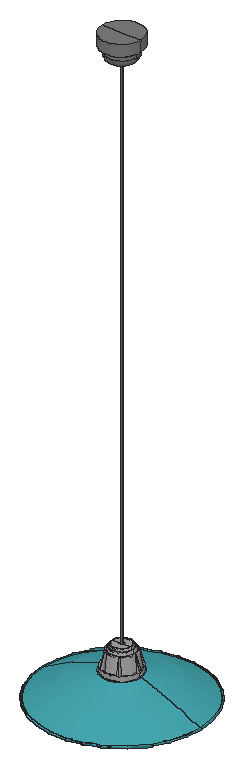
Revit family "Euro Barn EIJ8 (14,16,18,20,22) LED", category Lighting Fixtures, Revit 2020
Family settings
  Round Connector Dimension = Use Diameter
  Part Type = Normal
  OmniClass Number = 23.80.70.00
  OmniClass Title = Lighting
  Work Plane-Based = No
  Always vertical = Yes
  Cut with Voids When Loaded = No
  Light Source = Yes
  Shared = No
  Room Calculation Point = No
Parameters (values of type "EU822")
  Weight = "5.7 lbs"
  Wattage Comments = "200W Max"
  Wattage = 0.68 W
  Warranty = "5 year limited warranty"  # constant formula
  built-in parameter 1150110 = 1 (stored number, unit not read)
  Voltage = 277 V
  URL = "https://www.anplighting.com/assets/Uploads/product-attachments/specification-sheets/ANP-Specification-Sheet-INC-EU822.pdf"
  built-in parameter 1114217 = 1 (stored number, unit not read)
  Tilt Angle = 90.00°
  built-in parameter 1150109 = 1 (stored number, unit not read)
  built-in parameter 1150134 = 12
  built-in parameter 1150113 = 1 (stored number, unit not read)
  Mounting Option [instance] = 1
  Power Factor = 1
  Post Mount [instance] = Mounting Option = 5  # no
  Placement X axis side [instance] = if(Post Mount, 2' 2 15/32", if(Cord or Stem Mount, 0' 0", if(E36 20 inch, 1' 8 1/4", if(E 6 26 inch, 2' 2", if(E7 41 inch, 3' 5 1/4", 0' 1")))))  # 0' - 0"
  Photometric Web File = "generic.ies"
  Mounting Finish = Mounting finish
  Model = "EU822"
  Manufacturer = "ANP Lighting"  # constant formula
  built-in parameter 1150105 = 127.85 (stored number, unit not read)
  Lumens = 850 lm
  built-in parameter 1150115 = 1 (stored number, unit not read)
  Load Classification = Lighting
  Light Source Height [instance] = 0' - 4"
  built-in parameter 1150137 = (empty or 0)
  built-in parameter 1150139 = (empty or 0)
  Light Elevation _2 [instance] = if(Post Mount, 0' 0.66142", if(E7 41 inch, 0' 0.66142", if(E36 20 inch, 0' 1.65748", if(E 6 26 inch, 0' 1.53543", if(Cord or Stem Mount, (0' 4.3622" + Cord Length), 0' 0")))))  # 6' - 4.3622"
  Light Elevation _1 [instance] = if(Post Mount, 0' 0", if(E7 41 inch, 0' 0", if(E36 20 inch, 0' 1", if(E 6 26 inch, 0' 0.87402", if(Cord or Stem Mount, (0' 3.66142" + Cord Length), 0' 0")))))  # 6' - 3.66142"
  Light Elevation [instance] = if(Post Mount, 14' 0.5315", if(E7 41 inch, 0' 0", 0' 0"))  # 0' - 0"
  Life = "L70 50,000 hours"  # constant formula
  built-in parameter 1150112 = 1 (stored number, unit not read)
  built-in parameter 1150114 = 1 (stored number, unit not read)
  Lamp = "MB"
  built-in parameter 1150132 = 2
  built-in parameter 1150102 = (empty or 0)
  built-in parameter 1150107 = 4000 (stored number, unit not read)
  built-in parameter 1150138 = (empty or 0)
  built-in parameter 1150106 = 1.2785 (stored number, unit not read)
  Fixture Height = 0' - 6 7/8"
  Fixture Finish = Fixture Finish
  Fixture Diameter = 1' - 10"
  Efficiency = "65-125 lumens per watt"  # constant formula
  built-in parameter 1150104 = 116.13 (stored number, unit not read)
  EU822 = yes
  EU820 = no
  EU818 = no
  EU816 = no
  EU814 = no
  E7 41 inch [instance] = Mounting Option = 4  # no
  E36 20 inch [instance] = Mounting Option = 3  # no
  E 6 26 inch [instance] = Mounting Option = 2  # no
  Dimming Lamp Color Temperature Shift = <None>
  Dimming = "1%"  # constant formula
  Description = "120-277 Voltage"  # constant formula
  Default Elevation = 0' - 0"
  Cord or Stem Mount [instance] = Mounting Option = 1  # yes
  Cord Length option [instance] = 0
  Cord Length [instance] = if([2' Cord], 2' 0", if([4' Cord], 4' 0", if([8' Cord], 8' 0", if([10' Cord], 10' 0", if([6' Cord], 6' 0", 6' 0")))))  # 6' - 0"
  Construction Material = "Heavy Duty spun aluminum."  # constant formula
  Color Filter = 16777215
  CRI = ">90"  # constant formula
  Body Material = body
  Body Colour = "Spun aluminium"  # constant formula
  built-in parameter 1114218 = 1 (stored number, unit not read)
  built-in parameter 1150133 = 10 (stored number, unit not read)
  Apparent Load = 200 VA
  8' Cord [instance] = Cord Length option = 8  # no
  6' Cord [instance] = Cord Length option = 6  # no
  4' Cord [instance] = Cord Length option = 4  # no
  2' Cord [instance] = Cord Length option = 2  # no
  10' Cord [instance] = Cord Length option = 10  # no
Reference planes (in)
  plane 1 "Light Source Axis (F/B)": y = 0
  plane 2: z = 0
  plane 3 "Light Source Axis (L/R)": x = 0
  plane 4 "Light Source Elevation": z = 0
  plane 5: z = 0
  plane 6: x = 0
  plane 7 "Bulb Position": z = -76.3622
  plane 8 "Canopy Position": z = -75.66142
  plane 9 "IES": z = -80.3622
Dimensions and locks (in)
  "Light Elevation": plane 5 to plane 2
  "Placement X axis side": plane 6 to plane 3 "Light Source Axis (L/R)"
  "Light Elevation _2": plane 5 to plane 7 "Bulb Position"
  "Light Elevation _1": plane 5 to plane 8 "Canopy Position"
  "Light Source Height": plane 7 "Bulb Position" to plane 9 "IES"
  locked: plane 4 "Light Source Elevation" to plane 2
  aligned and locked: level to plane 2
  aligned and locked: plane 1 "Light Source Axis (F/B)" to nested 5
  aligned and locked: nested 5 to plane 2
  aligned and locked: nested 1 to plane 3 "Light Source Axis (L/R)"
  aligned and locked: plane 3 "Light Source Axis (L/R)" to nested 2
  aligned and locked: plane 3 "Light Source Axis (L/R)" to nested 4
  aligned and locked: nested 3 to plane 5
  aligned and locked: plane 3 "Light Source Axis (L/R)" to nested 3
  aligned and locked: plane 3 "Light Source Axis (L/R)" to nested 5
  aligned and locked: plane 1 "Light Source Axis (F/B)" to nested 2
  aligned and locked: plane 1 "Light Source Axis (F/B)" to nested 1
  aligned and locked: plane 1 "Light Source Axis (F/B)" to nested 4
  aligned and locked: plane 1 "Light Source Axis (F/B)" to nested 3
  aligned and locked: plane 2 to nested 1
  aligned and locked: plane 2 to nested 2
  aligned and locked: nested 4 to plane 2
  aligned and locked: imposter light to plane 9 "IES"
  aligned and locked: imposter light to plane 6
  aligned and locked: nested 6 to plane 8 "Canopy Position"
  aligned and locked: nested 7 to plane 8 "Canopy Position"
  aligned and locked: nested 8 to plane 8 "Canopy Position"
  aligned and locked: nested 9 to plane 8 "Canopy Position"
  aligned and locked: nested 10 to plane 8 "Canopy Position"
  aligned and locked: nested 6 to plane 6
  aligned and locked: nested 7 to plane 6
  aligned and locked: nested 8 to plane 6
  aligned and locked: nested 9 to plane 6
  aligned and locked: nested 10 to plane 6
Nested families (in)
  nested 1: "CORD OR STEM MOUNT" at (0, 0, -75.67), visible <- "Cord or Stem Mount", Cord or Stem Mount <- "Cord or Stem Mount", Body Material <- "Body Material", Light Elevation <- "Light Elevation", Cord Length <- "Cord Length", 10' Cord <- "10' Cord", 2' Cord <- "2' Cord", 4' Cord <- "4' Cord", 6' Cord <- "6' Cord", 8' Cord <- "8' Cord", type "CORD OR STEM MOUNT"
    with Light Elevation 0' - 0", Cord or Stem Mount yes, Cord Length 6' - 0", Body Material body, 8' Cord no, 6' Cord no, 4' Cord no, 2' Cord no, 10' Cord no
  nested 2: "E6 26 INCH" at (0, 0, 0), visible <- "E 6 26 inch", Chain Length <- "Cord Length", E 6 26 inch <- "E 6 26 inch", Placement X axis side <- "Placement X axis side", Body Material <- "Body Material", Light Elevation <- "Light Elevation", type "E6 26 INCH"
    with Placement X axis side 0' - 0", Light Elevation 0' - 0", E 6 26 inch no, Chain Length 6' - 0", Body Material body
  nested 3: "E7 41 INCH" at (0, 0, 0), Chain Length <- "Cord Length", visible <- "E7 41 inch", E7 41 inch <- "E7 41 inch", Placement X axis side <- "Placement X axis side", Body Material <- "Body Material", Light Elevation <- "Light Elevation", type "E7 41 INCH"
    with Placement X axis side 0' - 0", Light Elevation 0' - 0", E7 41 inch no, Chain Length 6' - 0", Body Material body
  nested 4: "E36 20 INCH" at (0, 0, 0), visible <- "E36 20 inch", E36 20 inch <- "E36 20 inch", Placement X axis side <- "Placement X axis side", Chain Length <- "Cord Length", Body Material <- "Body Material", Light Elevation <- "Light Elevation", type "E36 20 INCH"
    with Placement X axis side 0' - 0", Light Elevation 0' - 0", E36 20 inch no, Chain Length 6' - 0", Body Material body
  nested 5: "POST MOUNT" at (0, 0, 0), visible <- "Post Mount", Post Mount <- "Post Mount", Placement X axis side <- "Placement X axis side", Chain Length <- "Cord Length", Body Material <- "Body Material", Light Elevation <- "Light Elevation", type "POST MOUNT"
    with Post Mount no, Placement X axis side 0' - 0", Light Elevation 0' - 0", Chain Length 6' - 0", Body Material body
  nested 6: "EU814_1" at (0, 0, -75.66142), Light Elevation <- "Light Elevation", Body <- "Fixture Finish", visible <- "EU814", EU814 <- "EU814", type "EU814_1"
    with Light Elevation 0' - 0", EU814 no, Body Fixture Finish
  nested 7: "EU816-1" at (0, 0, -75.66142), Light Elevation <- "Light Elevation", Body <- "Fixture Finish", visible <- "EU816", EU816 <- "EU816", Mounting Finish <- "Mounting Finish", type "EU816-1"
    with Mounting Finish Mounting finish, Light Elevation 0' - 0", EU816 no, Body Fixture Finish
  nested 8: "EU818-1" at (0, 0, -75.66142), Light Elevation <- "Light Elevation", Body <- "Fixture Finish", visible <- "EU818", EU818 <- "EU818", type "EU818-1"
    with Light Elevation 0' - 0", EU818 no, Body Fixture Finish
  nested 9: "EU820-1" at (0, 0, -75.66142), Light Elevation <- "Light Elevation", Body <- "Fixture Finish", visible <- "EU820", EU820 <- "EU820", type "EU820-1"
    with Light Elevation 0' - 0", EU820 no, Body Fixture Finish
  nested 10: "EU822" at (0, 0, -75.66142), Light Elevation <- "Light Elevation", Body <- "Fixture Finish", visible <- "EU822", EU822 <- "EU822", type "EU822"
    with Light Elevation 0' - 0", EU822 yes, Body Fixture Finish
Definition of nested family "CORD OR STEM MOUNT"
  Parameters (values of type "CORD OR STEM MOUNT")
    URL = ""
    Model = ""
    Manufacturer = ""
    Light Elevation [instance] = 1' - 7.69"
    Default Elevation = 0' - 0"
    Cord or Stem Mount [instance] = yes
    Cord Length [instance] = 6' - 0"
    Body Material [instance] = none
    8' Cord [instance] = no
    6' Cord [instance] = no
    4' Cord [instance] = no
    2' Cord [instance] = no
    10' Cord [instance] = no
  Reference planes (in)
    plane 1 "Light Source Axis (F/B)": y = 0
    plane 2: z = 0
    plane 3 "Light Source Axis (L/R)": x = 0
    plane 4 "Light Source Elevation": z = 23.125
    plane 5: z = 91.69
    plane 6: z = 19.69
  Forms (in)
    Extrusion 1, void, not visible
      sketch origin (0, 0, 2.38154) x (1, 0, 0) y (0, 0, 1)
        loop
          circle (0, 4.59925) r 0.16583
      from 1.18594 to 1.75
    Extrusion 2, void, not visible
      sketch origin (0, 0, 2.38154) x (0.707107, -0.707107, 0) y (0, 0, 1)
        loop
          circle (0, 4.59925) r 0.16583
      from 1.18594 to 1.75
    Extrusion 3, void, not visible
      sketch origin (0, 0, 2.38154) x (0.707107, 0.707107, 0) y (0, 0, 1)
        loop
          circle (0, 4.59925) r 0.16583
      from 1.18594 to 1.75
    Extrusion 4, void, not visible
      sketch origin (0, 0, 2.38154) x (0, 1, 0) y (0, 0, 1)
        loop
          circle (0, 4.59925) r 0.16583
      from 1.18594 to 1.75
    Extrusion 5, void, not visible
      sketch origin (0, 0, 2.38154) x (-0.707107, 0.707107, 0) y (0, 0, 1)
        loop
          circle (0, 4.59925) r 0.16583
      from 1.18594 to 1.75
    Extrusion 6, void, not visible
      sketch origin (0, 0, 2.38154) x (-1, 0, 0) y (0, 0, 1)
        loop
          circle (0, 4.59925) r 0.20678
      from 1.18594 to 1.75
    Extrusion 7, void, not visible
      sketch origin (0, 0, 2.38154) x (-0.707107, -0.707107, 0) y (0, 0, 1)
        loop
          circle (0, 4.59925) r 0.16583
      from 1.18594 to 1.75
    Extrusion 8, void, not visible
      sketch origin (0, 0, 2.38154) x (0, -1, 0) y (0, 0, 1)
        loop
          circle (0, 4.59925) r 0.16583
      from 1.18594 to 1.75
    Revolve 9, solid, material <- "Body Material", visible <- "Cord or Stem Mount"
      sketch origin (0, 0, 174.56698) x (1, 0, 0) y (0, 0, 1)
        loop
          line (2.6875, -79.20698) -> (0, -79.20698) -> (0, -82.87698) -> (0.125, -82.87698) -> (0.125, -82.83698) -> (0.75, -82.83698)
          arc (0.75, -82.83698) -> (0.81694, -82.77004) -> (0.75, -82.7031) r 0.06694
          line (0.75, -82.7031) -> (0.89763, -82.7031) -> (1.00223, -82.5985) -> (1.06587, -82.5985)
          arc (1.06587, -82.5985) -> (1.80099, -82.29401) -> (2.10549, -81.55888) r 1.03962
          line (2.10549, -81.55888) -> (2.10549, -81.03899)
          arc (2.10549, -81.03899) -> (2.12951, -80.981) -> (2.1875, -80.95698) r 0.08201
          line (2.1875, -80.95698) -> (2.1875, -80.70698) -> (2.6875, -80.70698) -> (2.6875, -79.20698)
        axis (0, -79.20698) -> (0, -82.87698)
      angle from 0 to 360
    Revolve 10, solid, material <- "Body Material", visible <- "Cord or Stem Mount"
      sketch origin (0, 0, 0) x (1, 0, 0) y (0, 0, 1)
        loop
          line (0, 91.69) -> (-0.125, 91.69) -> (-0.125, 19.69) -> (0, 19.69) -> (0, 91.69)
        axis (0, 19.69) -> (0, 91.69)
      angle from 0 to 360
  Dimensions and locks (in)
    "Light Elevation": plane 6 to plane 2
    "Cord Length": plane 5 to plane 6
    locked: Revolve 10 sketch curve to Revolve 10 sketch curve at 0.125
    aligned and locked: level to plane 2
    aligned and locked: Revolve 10 sketch curve to plane 3 "Light Source Axis (L/R)"
    aligned and locked: Revolve 10 sketch curve to plane 6
    aligned and locked: Revolve 10 sketch curve to plane 5
    aligned and locked: plane 3 "Light Source Axis (L/R)" to Revolve 10 sketch curve
  Automatic sketch dimensions
    Revolve 9 sketch curve to plane 3 "Light Source Axis (L/R)" = 0' - 0"  (x2)
    Revolve 9 sketch curve to plane 5 = 0' - 0"
    plane 3 "Light Source Axis (L/R)" to Revolve 9 sketch curve = 0' - 0 1/8"
    Revolve 9 sketch curve to plane 5 = 0' - 0.17388"
    Revolve 9 sketch curve to Revolve 9 sketch curve = 0' - 0 5/8"
    Revolve 9 sketch curve to Revolve 9 sketch curve = 0' - 0.14763"
    Revolve 9 sketch curve to plane 5 = 0' - 0.27847"
    Revolve 9 sketch curve to Revolve 9 sketch curve = 0' - 0.1046"
    Revolve 9 sketch curve to Revolve 9 sketch curve = 0' - 0.06364"
    Revolve 9 sketch curve to Revolve 9 sketch curve = 0' - 1.03962"
    Revolve 9 sketch curve to Revolve 9 sketch curve = 0' - 0 21/256"
    Revolve 9 sketch curve to Revolve 9 sketch curve = 0' - 0 1/2"  (x2)
    Revolve 9 sketch curve to Revolve 9 sketch curve = 0' - 0.51989"
    Revolve 9 sketch curve to Revolve 9 sketch curve = 0' - 0 1/4"
    Revolve 9 sketch curve to Revolve 9 sketch curve = 0' - 2.3519"
    Revolve 9 sketch curve to Revolve 9 sketch curve = 0' - 1 1/4"
    Revolve 9 sketch curve to Revolve 9 sketch curve = 0' - 0.04"
    Revolve 10 sketch curve to Revolve 10 sketch curve = 0' - 0 1/2"
    Revolve 10 sketch curve to Revolve 10 sketch curve = 0' - 0.42345"
Definition of nested family "EU822"
  Parameters (values of type "EU822")
    Mounting Finish = none
    Light Elevation [instance] = 0' - 0"
    EU822 [instance] = yes
    Default Elevation = 0' - 0"
    Body [instance] = none
  Reference planes (in)
    plane 1 "Center (Front/Back)": y = 0
    plane 2: z = 0
    plane 3 "Center (Left/Right)": x = 0
    plane 4: z = 0
  Dimensions and locks (in)
    "Light Elevation": plane 4 to plane 2
    aligned and locked: plane 2 to level
    aligned and locked: plane 3 "Center (Left/Right)" to nested 1
    aligned and locked: plane 1 "Center (Front/Back)" to nested 1
    aligned and locked: plane 4 to nested 1
  Nested families (in)
    nested 1: "EU822 (3)" at (0, 0, -6.875), visible <- "EU822", Body <- "Body", EU822 <- "EU822", type "EU822 (3)"
      with EU822 yes, Body none
  Definition of nested family "EU822 (3)"
    Parameters (values of type "EU822 (3)")
      SHADE = none
      HUB = none
      EU822 [instance] = yes
      Default Elevation = 0' - 0"
      Body [instance] = none
    Reference planes (in)
      plane 1 "Center (Front/Back)": y = 0
      plane 2: z = 0
      plane 3 "Center (Left/Right)": x = 0
      plane 4: x = -11
      plane 5: x = 11
      plane 6: z = 6.875
    Forms (in)
      Revolve 1, solid, material <- "HUB", visible <- "EU822"
        sketch origin (0, 0, 1.18584) x (1, 0, 0) y (0, 0, 1)
          loop
            arc (-1.24328, 5.68916) -> (-1.26477, 5.6829) -> (-1.27953, 5.66607) r 0.04
            line (-1.27953, 5.66607) -> (-1.3986, 5.41073) -> (-1.49143, 5.41073)
            arc (-1.49143, 5.41073) -> (-1.51437, 5.40349) -> (-1.52902, 5.38441) r 0.04
            line (-1.52902, 5.38441) -> (-1.65794, 5.03019) -> (-1.82304, 5.03019)
            arc (-1.82304, 5.03019) -> (-1.84862, 5.02094) -> (-1.86237, 4.99748) r 0.04
            line (-1.86237, 4.99748) -> (-2.24058, 2.95773) -> (-2.5, 2.95773) -> (-2.5, 2.37048) -> (-2.28, 2.37048) -> (-2.28, 2.75048) -> (-2, 3.00048) -> (-1.6, 3.00048) -> (-1.34987, 4.78027)
            arc (-1.34987, 4.78027) -> (-1.26631, 4.93415) -> (-1.1023, 4.99548) r 0.25
            line (-1.1023, 4.99548) -> (-0.28, 4.99548) -> (-0.28, 5.68916) -> (-1.24328, 5.68916)
          axis (0, 5.68916) -> (0, 2.37048)
        angle from 0 to 360
      Revolve 2, solid, material <- "HUB", visible <- "EU822"
        sketch origin (0, 0, 1.18584) x (1, 0, 0) y (0, 0, 1)
          loop
            line (2.24058, 2.95773) -> (2.49108, 2.95773) -> (1.92916, 4.90696) -> (1.87916, 4.90696) -> (2.24058, 2.95773)
          axis (1.87916, 4.90696) -> (2.24891, 2.91282)
        angle from 0 to 360
      Revolve 3, solid, material <- "HUB", visible <- "EU822"
        sketch origin (0, 0, 1.18584) x (-1, 0, 0) y (0, 0, 1)
          loop
            line (2.24058, 2.95773) -> (2.49108, 2.95773) -> (1.92916, 4.90696) -> (1.87916, 4.90696) -> (2.24058, 2.95773)
          axis (1.87916, 4.90696) -> (2.24891, 2.91282)
        angle from 0 to 360
      Revolve 4, solid, material <- "HUB", visible <- "EU822"
        sketch origin (0, 0, 1.18584) x (0.5, 0.866025, 0) y (0, 0, 1)
          loop
            line (2.24058, 2.95773) -> (2.49108, 2.95773) -> (1.92916, 4.90696) -> (1.87916, 4.90696) -> (2.24058, 2.95773)
          axis (1.87916, 4.90696) -> (2.24891, 2.91282)
        angle from 0 to 360
      Revolve 5, solid, material <- "HUB", visible <- "EU822"
        sketch origin (0, 0, 1.18584) x (-0.5, -0.866025, 0) y (0, 0, 1)
          loop
            line (2.24058, 2.95773) -> (2.49108, 2.95773) -> (1.92916, 4.90696) -> (1.87916, 4.90696) -> (2.24058, 2.95773)
          axis (1.87916, 4.90696) -> (2.24891, 2.91282)
        angle from 0 to 360
      Revolve 6, solid, material <- "HUB", visible <- "EU822"
        sketch origin (0, 0, 1.18584) x (-0.5, 0.866025, 0) y (0, 0, 1)
          loop
            line (2.24058, 2.95773) -> (2.49108, 2.95773) -> (1.92916, 4.90696) -> (1.87916, 4.90696) -> (2.24058, 2.95773)
          axis (1.87916, 4.90696) -> (2.24891, 2.91282)
        angle from 0 to 360
      Revolve 7, solid, material <- "HUB", visible <- "EU822"
        sketch origin (0, 0, 1.18584) x (0.5, -0.866025, 0) y (0, 0, 1)
          loop
            line (2.24058, 2.95773) -> (2.49108, 2.95773) -> (1.92916, 4.90696) -> (1.87916, 4.90696) -> (2.24058, 2.95773)
          axis (1.87916, 4.90696) -> (2.24891, 2.91282)
        angle from 0 to 360
      Revolve 8, solid, material <- "Body", visible <- "EU822"
        sketch origin (0, 0, 0) x (1, 0, 0) y (0, 0, 1)
          loop
            line (-1.95, 4.22138) -> (-2, 4.22138) -> (-2.25, 3.97138) -> (-2.25, 3.55138) -> (-2.71682, 3.55138)
            arc (-2.71682, 3.55138) -> (-6.92161, 2.11968) -> (-10.87587, 0.09638) r 30.70974
            arc (-10.87587, 0.09638) -> (-10.90452, 0.10541) -> (-10.89183, 0.13263) r 0.01997
            arc (-10.89183, 0.13263) -> (-10.85998, 0.19076) -> (-10.91812, 0.22262) r 0.04687
            arc (-10.91812, 0.22262) -> (-10.99032, 0.06763) -> (-10.82725, 0.01622) r 0.11372
            arc (-10.82725, 0.01622) -> (-6.8906, 2.031) -> (-2.70476, 3.45763) r 30.61599
            line (-2.70476, 3.45763) -> (-2.15625, 3.45763) -> (-2.15625, 3.93254) -> (-1.93371, 4.15509)
            arc (-1.93371, 4.15509) -> (-1.91587, 4.19462) -> (-1.95, 4.22138) r 0.03515
          axis (0, 0.01622) -> (0, 4.22138)
        angle from 0 to 360
    Dimensions and locks (in)
      plane 5 to plane 4 = 1' - 10"
      plane 6 to level = 0' - 6 7/8"
      aligned and locked: plane 2 to level
      aligned and locked: Revolve 1 sketch curve to plane 6
Definition of nested family "E6 26 INCH"
  Parameters (values of type "E6 26 INCH")
    URL = ""
    Placement X axis side [instance] = 2' - 2"
    Model = ""
    Manufacturer = ""
    Light Elevation [instance] = 8' - 4"
    E 6 26 inch [instance] = yes
    Default Elevation = 0' - 0"
    Chain Length [instance] = 0' - 0"
    Body Material [instance] = none
  Reference planes (in)
    plane 1 "Light Source Axis (F/B)": y = 0
    plane 2: z = 0
    plane 3 "Light Source Axis (L/R)": x = 0
    plane 4 "Light Source Elevation": z = 23.125
    plane 5: z = 100
    plane 6: x = -26
    plane 7: z = 99.125
    plane 8: x = -24.12
    plane 9: x = -25.5474
  Forms (in)
    Extrusion 1, void, not visible
      sketch origin (0, 0, 2.38154) x (1, 0, 0) y (0, 0, 1)
        loop
          circle (0, 4.59925) r 0.16583
      from 1.18594 to 1.75
    Extrusion 2, void, not visible
      sketch origin (0, 0, 2.38154) x (0.707107, -0.707107, 0) y (0, 0, 1)
        loop
          circle (0, 4.59925) r 0.16583
      from 1.18594 to 1.75
    Extrusion 3, void, not visible
      sketch origin (0, 0, 2.38154) x (0.707107, 0.707107, 0) y (0, 0, 1)
        loop
          circle (0, 4.59925) r 0.16583
      from 1.18594 to 1.75
    Extrusion 4, void, not visible
      sketch origin (0, 0, 2.38154) x (0, 1, 0) y (0, 0, 1)
        loop
          circle (0, 4.59925) r 0.16583
      from 1.18594 to 1.75
    Extrusion 5, void, not visible
      sketch origin (0, 0, 2.38154) x (-0.707107, 0.707107, 0) y (0, 0, 1)
        loop
          circle (0, 4.59925) r 0.16583
      from 1.18594 to 1.75
    Extrusion 6, void, not visible
      sketch origin (0, 0, 2.38154) x (-1, 0, 0) y (0, 0, 1)
        loop
          circle (0, 4.59925) r 0.20678
      from 1.18594 to 1.75
    Extrusion 7, void, not visible
      sketch origin (0, 0, 2.38154) x (-0.707107, -0.707107, 0) y (0, 0, 1)
        loop
          circle (0, 4.59925) r 0.16583
      from 1.18594 to 1.75
    Extrusion 8, void, not visible
      sketch origin (0, 0, 2.38154) x (0, -1, 0) y (0, 0, 1)
        loop
          circle (0, 4.59925) r 0.16583
      from 1.18594 to 1.75
    Sweep 9, solid, material <- "Body Material", visible <- "E 6 26 inch"
      path origin (-41.25, 0, 168.51693) x (1, 0, 0) y (0, 0, 1)
        loop
          line (17.13, -68.51693) -> (27.68551, -68.51693)
          arc (27.68551, -68.51693) -> (28.47996, -68.34486) -> (29.13202, -67.8595) r 1.92004
          line (29.13202, -67.8595) -> (34.23651, -62.01155)
          arc (34.23651, -62.01155) -> (38.65464, -60.89667) -> (41.25, -64.64193) r 4
          line (41.25, -64.64193) -> (41.25, -69.39193)
      profile origin (-18.84224, 0, 100) x (0, 0, 1) y (0, -1, 0)
        loop
          circle (0, 0) r 0.5
    Revolve 10, solid, material <- "Body Material", visible <- "E 6 26 inch"
      sketch origin (-26, 0, 168.51693) x (1, 0, 0) y (0, 0, 1)
        loop
          line (0, -66.07943) -> (0, -68.51693) -> (1.88, -68.51693) -> (1.88, -67.69272) -> (0.4526, -67.69272) -> (0.4526, -66.54122) -> (0.33125, -66.54122) -> (0.33125, -66.07943) -> (0, -66.07943)
        axis (0, -68.51693) -> (1.88, -68.51693)
      angle from 0 to 360
    Extrusion 11, solid, material <- "Body Material", visible <- "E 6 26 inch"
      sketch origin (-26, 0, 168.51693) x (0, -1, 0) y (0, 0, -1)
        loop
          line (0.25, 68.51693) -> (0.25, 69.51693) -> (-0.25, 69.51693) -> (-0.25, 68.51693) -> (0.25, 68.51693)
      from 0.4526 to 1.88
  Cuts and joins
    joined: Revolve 10, Extrusion 11
  Dimensions and locks (in)
    "Light Elevation": plane 5 to plane 2
    "Placement X axis side": plane 3 "Light Source Axis (L/R)" to plane 6
    locked: plane 5 to plane 7 at 0.875
    Revolve 10 sketch curve to Revolve 10 sketch curve to Revolve 10 sketch curve to plane 6 = 0' - 1.4274" locked, 0' - 0.12135" locked, 0' - 0.33125" locked
    Revolve 10 sketch curve to Revolve 10 sketch curve to Revolve 10 sketch curve to plane 5 = 0' - 0.46179" locked, 0' - 1.1515" locked, 0' - 0 211/256" locked
    locked: Sweep 9 sketch curve to plane 6 at 1.88
    locked: Sweep 9 sketch curve to Sweep 9 sketch curve at 10.55551
    locked: Sweep 9 sketch curve to Sweep 9 sketch curve at 13.56449
    locked: Sweep 9 sketch curve to Sweep 9 sketch curve at 4.75
    locked: plane 9 to plane 6 at 0.4526
    locked: plane 8 to plane 9 at 1.4274
    aligned and locked: level to plane 2
    aligned and locked: Revolve 10 sketch curve to plane 6
    aligned and locked: plane 5 to Revolve 10 sketch curve
    aligned and locked: Revolve 10 sketch curve to plane 5
    aligned and locked: cut or joined group of Revolve 10, Extrusion 11 to plane 9
    aligned and locked: plane 8 to cut or joined group of Revolve 10, Extrusion 11
  Automatic sketch dimensions
    Sweep 9 sketch curve to plane 5 = 0' - 0"
    Sweep 9 sketch curve to Sweep 9 sketch curve = 0' - 4"
    Sweep 9 sketch curve to Sweep 9 sketch curve = 0' - 3.01349"
    plane 5 to Sweep 9 sketch curve = 0' - 0.65743"
    Sweep 9 sketch curve to Sweep 9 sketch curve = 0' - 1.4465"
    Sweep 9 sketch curve to plane 5 = 0' - 0 7/8"
    profile plane to Sweep 9 sketch curve = 0' - 0"
    Sweep 9 sketch curve to profile plane = 0' - 0"
    plane 6 to Revolve 10 sketch curve = 0' - 0.62562"
    Revolve 10 sketch curve to Revolve 10 sketch curve = 0' - 0 1/2"
    Extrusion 11 sketch curve to plane 5 = 0' - 0"
    plane 1 "Light Source Axis (F/B)" to Extrusion 11 sketch curve = 0' - 0 1/4"
    Extrusion 11 sketch curve to plane 1 "Light Source Axis (F/B)" = 0' - 0 1/4"
    plane 5 to Extrusion 11 sketch curve = 0' - 1"
    radius of Sweep 9 sketch curve = 0' - 0 1/2"
Definition of nested family "E7 41 INCH"
  Parameters (values of type "E7 41 INCH")
    URL = ""
    Placement X axis side [instance] = 4' - 2"
    Model = ""
    Manufacturer = ""
    Light Elevation [instance] = 8' - 4"
    E7 41 inch [instance] = yes
    Default Elevation = 0' - 0"
    Chain Length [instance] = 0' - 0"
    Body Material [instance] = none
  Reference planes (in)
    plane 1 "Light Source Axis (F/B)": y = 0
    plane 2: z = 0
    plane 3 "Light Source Axis (L/R)": x = 0
    plane 4 "Light Source Elevation": z = 23.125
    plane 5: z = 100
    plane 6: x = -50
  Forms (in)
    Extrusion 1, void, not visible
      sketch origin (0, 0, 2.38154) x (1, 0, 0) y (0, 0, 1)
        loop
          circle (0, 4.59925) r 0.16583
      from 1.18594 to 1.75
    Extrusion 2, void, not visible
      sketch origin (0, 0, 2.38154) x (0.707107, -0.707107, 0) y (0, 0, 1)
        loop
          circle (0, 4.59925) r 0.16583
      from 1.18594 to 1.75
    Extrusion 3, void, not visible
      sketch origin (0, 0, 2.38154) x (0.707107, 0.707107, 0) y (0, 0, 1)
        loop
          circle (0, 4.59925) r 0.16583
      from 1.18594 to 1.75
    Extrusion 4, void, not visible
      sketch origin (0, 0, 2.38154) x (0, 1, 0) y (0, 0, 1)
        loop
          circle (0, 4.59925) r 0.16583
      from 1.18594 to 1.75
    Extrusion 5, void, not visible
      sketch origin (0, 0, 2.38154) x (-0.707107, 0.707107, 0) y (0, 0, 1)
        loop
          circle (0, 4.59925) r 0.16583
      from 1.18594 to 1.75
    Extrusion 6, void, not visible
      sketch origin (0, 0, 2.38154) x (-1, 0, 0) y (0, 0, 1)
        loop
          circle (0, 4.59925) r 0.20678
      from 1.18594 to 1.75
    Extrusion 7, void, not visible
      sketch origin (0, 0, 2.38154) x (-0.707107, -0.707107, 0) y (0, 0, 1)
        loop
          circle (0, 4.59925) r 0.16583
      from 1.18594 to 1.75
    Extrusion 8, void, not visible
      sketch origin (0, 0, 2.38154) x (0, -1, 0) y (0, 0, 1)
        loop
          circle (0, 4.59925) r 0.16583
      from 1.18594 to 1.75
    Revolve 9, solid, material <- "Body Material", visible <- "E7 41 inch"
      sketch origin (-41.25, 0, 168.39193) x (1, 0, 0) y (0, 0, 1)
        loop
          line (-8.75, -66.20443) -> (-8.75, -68.51693) -> (-6.87, -68.51693) -> (-6.87, -67.69272) -> (-8.2974, -67.69272) -> (-8.2974, -66.54122) -> (-8.41875, -66.54122) -> (-8.41875, -66.20443) -> (-8.75, -66.20443)
        axis (-8.75, -68.51693) -> (-6.87, -68.51693)
      angle from 0 to 360
    Extrusion 10, solid, material <- "Body Material", visible <- "E7 41 inch"
      sketch origin (-41.25, 0, 168.39193) x (0, -1, 0) y (0, 0, -1)
        loop
          line (0.25, 68.51693) -> (0.25, 69.51693) -> (-0.25, 69.51693) -> (-0.25, 68.51693) -> (0.25, 68.51693)
      from -8.2974 to -6.87
    Sweep 11, solid, material <- "Body Material", visible <- "E7 41 inch"
      path origin (-41.25, 0, 168.39193) x (1, 0, 0) y (0, 0, 1)
        loop
          line (-6.87, -68.51693) -> (16.04011, -68.51693)
          arc (16.04011, -68.51693) -> (17.864, -68.13651) -> (19.38375, -67.0587) r 4.5625
          line (19.38375, -67.0587) -> (24.70217, -61.33018)
          arc (24.70217, -61.33018) -> (29.64465, -60.20324) -> (32.5, -64.39193) r 4.5
          line (32.5, -64.39193) -> (32.5, -68.39193)
      profile origin (-36.66494, 0, 99.875) x (0, 0, 1) y (0, -1, 0)
        loop
          circle (0, 0) r 0.5
  Dimensions and locks (in)
    "Placement X axis side": plane 3 "Light Source Axis (L/R)" to plane 6
    "Light Elevation": plane 5 to plane 2
    locked: Revolve 9 sketch curve to Revolve 9 sketch curve at 0.33125
    locked: Revolve 9 sketch curve to Revolve 9 sketch curve at 0.4526
    locked: Revolve 9 sketch curve to Revolve 9 sketch curve at 1.88
    locked: Revolve 9 sketch curve to Revolve 9 sketch curve at 0.82421
    locked: Revolve 9 sketch curve to Revolve 9 sketch curve at 1.1515
    locked: Revolve 9 sketch curve to Revolve 9 sketch curve at 0.33679
    locked: plane 5 to Revolve 9 sketch curve at 0.125
    locked: Extrusion 10 sketch curve to Extrusion 10 sketch curve at 0.5
    locked: Extrusion 10 sketch curve to Extrusion 10 sketch curve at 1
    locked: plane 5 to Extrusion 10 sketch curve at 0.125
    locked: plane 5 to Sweep 11 sketch curve at 0.125
    locked: Sweep 11 sketch curve to Sweep 11 sketch curve at 39.37
    locked: Sweep 11 sketch curve to Sweep 11 sketch curve at 4
    locked: plane 6 to Extrusion 10 at 0.4526
    locked: Sweep 11 sketch curve to plane 6 at 1.88
    locked: Extrusion 10 to Extrusion 10 at 1.4274
    aligned and locked: plane 2 to level
    aligned and locked: Revolve 9 sketch curve to plane 6
  Automatic sketch dimensions
    Revolve 9 sketch curve to plane 5 = 0' - 0 1/8"
    plane 6 to Revolve 9 sketch curve = 0' - 0.62562"
    Revolve 9 sketch curve to Revolve 9 sketch curve = 0' - 0 1/2"
    plane 1 "Light Source Axis (F/B)" to Extrusion 10 sketch curve = 0' - 0 1/4"
    Sweep 11 sketch curve to plane 5 = 0' - 0"
    Sweep 11 sketch curve to Sweep 11 sketch curve = 0' - 4 1/2"
    Sweep 11 sketch curve to Sweep 11 sketch curve = 0' - 3.29783"
    plane 5 to Sweep 11 sketch curve = 0' - 1.33323"
    Sweep 11 sketch curve to Sweep 11 sketch curve = 0' - 5.31842"
    Sweep 11 sketch curve to Sweep 11 sketch curve = 0' - 3.34364"
    profile plane to Sweep 11 sketch curve = 0' - 0"
    Sweep 11 sketch curve to profile plane = 0' - 0"
    radius of Sweep 11 sketch curve = 0' - 0 1/2"
Definition of nested family "E36 20 INCH"
  Parameters (values of type "E36 20 INCH")
    URL = ""
    Placement X axis side [instance] = 1' - 8 1/4"
    Model = ""
    Manufacturer = ""
    Light Elevation [instance] = 8' - 4"
    E36 20 inch [instance] = yes
    Default Elevation = 0' - 0"
    Chain Length [instance] = 0' - 0"
    Body Material [instance] = none
  Reference planes (in)
    plane 1 "Light Source Axis (F/B)": y = 0
    plane 2: z = 0
    plane 3 "Light Source Axis (L/R)": x = 0
    plane 4 "Light Source Elevation": z = 23.125
    plane 5: z = 99
    plane 6: x = -20.25
    plane 7: z = 100
    plane 8: x = -18.37008
    plane 9: x = -19.79724
  Forms (in)
    Extrusion 1, void, not visible
      sketch origin (0, 0, 2.38154) x (1, 0, 0) y (0, 0, 1)
        loop
          circle (0, 4.59925) r 0.16583
      from 1.18594 to 1.75
    Extrusion 2, void, not visible
      sketch origin (0, 0, 2.38154) x (0.707107, -0.707107, 0) y (0, 0, 1)
        loop
          circle (0, 4.59925) r 0.16583
      from 1.18594 to 1.75
    Extrusion 3, void, not visible
      sketch origin (0, 0, 2.38154) x (0.707107, 0.707107, 0) y (0, 0, 1)
        loop
          circle (0, 4.59925) r 0.16583
      from 1.18594 to 1.75
    Extrusion 4, void, not visible
      sketch origin (0, 0, 2.38154) x (0, 1, 0) y (0, 0, 1)
        loop
          circle (0, 4.59925) r 0.16583
      from 1.18594 to 1.75
    Extrusion 5, void, not visible
      sketch origin (0, 0, 2.38154) x (-0.707107, 0.707107, 0) y (0, 0, 1)
        loop
          circle (0, 4.59925) r 0.16583
      from 1.18594 to 1.75
    Extrusion 6, void, not visible
      sketch origin (0, 0, 2.38154) x (-1, 0, 0) y (0, 0, 1)
        loop
          circle (0, 4.59925) r 0.20678
      from 1.18594 to 1.75
    Extrusion 7, void, not visible
      sketch origin (0, 0, 2.38154) x (-0.707107, -0.707107, 0) y (0, 0, 1)
        loop
          circle (0, 4.59925) r 0.16583
      from 1.18594 to 1.75
    Extrusion 8, void, not visible
      sketch origin (0, 0, 2.38154) x (0, -1, 0) y (0, 0, 1)
        loop
          circle (0, 4.59925) r 0.16583
      from 1.18594 to 1.75
    Sweep 9, solid, material <- "Body Material", visible <- "E36 20 inch"
      path origin (-41.25, 0, 169.51693) x (1, 0, 0) y (0, 0, 1)
        loop
          line (22.88, -69.51693) -> (28.93827, -69.51693)
          arc (28.93827, -69.51693) -> (29.97705, -69.28152) -> (30.81284, -68.62128) r 2.40953
          line (30.81284, -68.62128) -> (34.13807, -64.50378)
          arc (34.13807, -64.50378) -> (38.58272, -63.24548) -> (41.25, -67.01693) r 4
          line (41.25, -67.01693) -> (41.25, -70.51693)
      profile origin (-15.34086, 0, 100) x (0, 0, 1) y (0, -1, 0)
        loop
          circle (0, 0) r 0.5
    Revolve 10, solid, material <- "Body Material", visible <- "E36 20 inch"
      sketch origin (-20.25, 0, 169.51693) x (1, 0, 0) y (0, 0, 1)
        loop
          line (0, -67.20443) -> (0, -69.51693) -> (1.88, -69.51693) -> (1.88, -68.69272) -> (0.4526, -68.69272) -> (0.4526, -67.54122) -> (0.33125, -67.54122) -> (0.33125, -67.20443) -> (0, -67.20443)
        axis (0, -69.51693) -> (1.88, -69.51693)
      angle from 0 to 360
    Extrusion 11, solid, material <- "Body Material", visible <- "E36 20 inch"
      sketch origin (-20.25, 0, 169.51693) x (0, -1, 0) y (0, 0, -1)
        loop
          line (0.25, 69.51693) -> (0.25, 70.51693) -> (-0.25, 70.51693) -> (-0.25, 69.51693) -> (0.25, 69.51693)
      from 1.87992 to 0.45276
  Cuts and joins
    joined: Revolve 10, Extrusion 11
  Dimensions and locks (in)
    "Light Elevation": plane 7 to plane 2
    "Placement X axis side": plane 3 "Light Source Axis (L/R)" to plane 6
    locked: plane 7 to plane 5 at 1
    Revolve 10 sketch curve to Revolve 10 sketch curve to Revolve 10 sketch curve to plane 7 = 0' - 0.33679" locked, 0' - 1.1515" locked, 0' - 0 211/256" locked
    locked: Sweep 9 sketch curve to plane 6 at 1.88
    locked: Sweep 9 sketch curve to Sweep 9 sketch curve at 6.05827
    locked: Sweep 9 sketch curve to Sweep 9 sketch curve at 12.31173
    locked: Sweep 9 sketch curve to Sweep 9 sketch curve at 3.5
    Revolve 10 sketch curve to Revolve 10 sketch curve to Revolve 10 sketch curve to plane 6 = 0' - 1.4274" locked, 0' - 0.12135" locked, 0' - 0.33125" locked
    locked: plane 9 to plane 6 at 0.45276
    locked: plane 8 to plane 9 at 1.42717
    aligned and locked: level to plane 2
    aligned and locked: plane 7 to Revolve 10 sketch curve
    aligned and locked: Revolve 10 sketch curve to plane 7
    aligned and locked: Revolve 10 sketch curve to plane 6
    aligned and locked: cut or joined group of Revolve 10, Extrusion 11 to plane 9
    aligned and locked: plane 8 to cut or joined group of Revolve 10, Extrusion 11
  Automatic sketch dimensions
    Sweep 9 sketch curve to plane 7 = 0' - 0"
    Sweep 9 sketch curve to plane 5 = 0' - 0"
    Sweep 9 sketch curve to Sweep 9 sketch curve = 0' - 4"
    Sweep 9 sketch curve to plane 7 = 0' - 0.89565"
    Sweep 9 sketch curve to Sweep 9 sketch curve = 0' - 3.32523"
    Sweep 9 sketch curve to Sweep 9 sketch curve = 0' - 1.87457"
    profile plane to Sweep 9 sketch curve = 0' - 0"
    Sweep 9 sketch curve to profile plane = 0' - 0"
    plane 6 to Revolve 10 sketch curve = 0' - 0.62562"
    Revolve 10 sketch curve to Revolve 10 sketch curve = 0' - 0 1/2"
    plane 7 to Extrusion 11 sketch curve = 0' - 0"
    Extrusion 11 sketch curve to plane 5 = 0' - 0"
    plane 1 "Light Source Axis (F/B)" to Extrusion 11 sketch curve = 0' - 0 1/4"
    Extrusion 11 sketch curve to plane 1 "Light Source Axis (F/B)" = 0' - 0 1/4"
    radius of Sweep 9 sketch curve = 0' - 0 1/2"
Definition of nested family "POST MOUNT"
  Parameters (values of type "POST MOUNT")
    URL = ""
    Post Mount [instance] = yes
    Placement X axis side [instance] = 2' - 2 1/2"
    Model = ""
    Manufacturer = ""
    Light Elevation [instance] = 14' - 0.5168"
    Default Elevation = 0' - 0"
    Chain Length [instance] = 0' - 0"
    Body Material [instance] = none
  Reference planes (in)
    plane 1 "Light Source Axis (F/B)": y = 0
    plane 2: z = 0
    plane 3 "Light Source Axis (L/R)": x = 0
    plane 4 "Light Source Elevation": z = 23.125
    plane 5: x = -26.5
    plane 6: z = 168.5168
  Forms (in)
    Extrusion 1, void, not visible
      sketch origin (0, 0, 2.38154) x (1, 0, 0) y (0, 0, 1)
        loop
          circle (0, 4.59925) r 0.16583
      from 1.18594 to 1.75
    Extrusion 2, void, not visible
      sketch origin (0, 0, 2.38154) x (0.707107, -0.707107, 0) y (0, 0, 1)
        loop
          circle (0, 4.59925) r 0.16583
      from 1.18594 to 1.75
    Extrusion 3, void, not visible
      sketch origin (0, 0, 2.38154) x (0.707107, 0.707107, 0) y (0, 0, 1)
        loop
          circle (0, 4.59925) r 0.16583
      from 1.18594 to 1.75
    Extrusion 4, void, not visible
      sketch origin (0, 0, 2.38154) x (0, 1, 0) y (0, 0, 1)
        loop
          circle (0, 4.59925) r 0.16583
      from 1.18594 to 1.75
    Extrusion 5, void, not visible
      sketch origin (0, 0, 2.38154) x (-0.707107, 0.707107, 0) y (0, 0, 1)
        loop
          circle (0, 4.59925) r 0.16583
      from 1.18594 to 1.75
    Extrusion 6, void, not visible
      sketch origin (0, 0, 2.38154) x (-1, 0, 0) y (0, 0, 1)
        loop
          circle (0, 4.59925) r 0.20678
      from 1.18594 to 1.75
    Extrusion 7, void, not visible
      sketch origin (0, 0, 2.38154) x (-0.707107, -0.707107, 0) y (0, 0, 1)
        loop
          circle (0, 4.59925) r 0.16583
      from 1.18594 to 1.75
    Extrusion 8, void, not visible
      sketch origin (0, 0, 2.38154) x (0, -1, 0) y (0, 0, 1)
        loop
          circle (0, 4.59925) r 0.16583
      from 1.18594 to 1.75
    Revolve 9, solid, material <- "Body Material", visible <- "Post Mount"
      sketch origin (-7.90508, 0, 0) x (1, 0, 0) y (0, 0, 1)
        loop
          line (-18.59492, 3.92912) -> (-16.29831, 3.92912) -> (-16.29831, 4.2668) -> (-16.91413, 4.2668) -> (-16.91413, 134.5168) -> (-17.16413, 134.5168) -> (-17.16413, 137.3918) -> (-17.05979, 137.3918)
          arc (-17.05979, 137.3918) -> (-16.93479, 137.5168) -> (-17.05979, 137.6418) r 0.125
          line (-17.05979, 137.6418) -> (-17.48032, 137.6418) -> (-17.48032, 139.0793) -> (-17.73032, 139.0793) -> (-17.73032, 139.5793) -> (-18.59492, 139.5793) -> (-18.59492, 3.92912)
        axis (-18.59492, 139.5793) -> (-18.59492, 3.92912)
      angle from 0 to 360
    Extrusion 10, solid, material <- "Body Material", visible <- "Post Mount"
      sketch origin (0, 0, 0) x (1, 0, 0) y (0, 1, 0)
        loop
          line (-20.5, 5.93079) -> (-32.5, 5.93079) -> (-32.5, -6.06921) -> (-20.5, -6.06921) -> (-20.5, 5.93079)
      from 0 to 3.92912
    Sweep 11, solid, material <- "Body Material", visible <- "Post Mount"
      path origin (0, 0, 48.5) x (1, 0, 0) y (0, 0, 1)
        loop
          line (0, 120.0168) -> (0, 128.0168)
          arc (0, 128.0168) -> (-13.25, 141.2668) -> (-26.5, 128.0168) r 13.25
          line (-26.5, 128.0168) -> (-26.5, 91.0793)
      profile origin (0, 0, 172.5168) x (-1, 0, 0) y (0, -1, 0)
        loop
          circle (0, 0) r 0.5
    Revolve 12, solid, material <- "Body Material", visible <- "Post Mount"
      sketch origin (0, 0, 0) x (1, 0, 0) y (0, 0, 1)
        loop
          line (0, 168.5168) -> (0.75, 168.5168) -> (0.75, 170.7668) -> (0, 170.7668) -> (0, 168.5168)
        axis (0, 170.7668) -> (0, 168.5168)
      angle from 0 to 360
  Cuts and joins
    joined: Revolve 9, Extrusion 10, Sweep 11, Revolve 12
  Dimensions and locks (in)
    "Placement X axis side": plane 3 "Light Source Axis (L/R)" to plane 5
    "Light Elevation": plane 6 to plane 2
    locked: Revolve 12 sketch curve to plane 5 at 26.5  (x2)
    locked: Revolve 9 sketch curve to plane 2 at 3.92912
    locked: Revolve 9 sketch curve to plane 5 at 2.29661
    locked: Revolve 9 sketch curve to plane 5 at 1.68079
    locked: Revolve 9 sketch curve to plane 5 at 1.43079
    locked: Revolve 9 sketch curve to plane 5 at 1.11461
    locked: Revolve 9 sketch curve to plane 5 at 0.86461
    locked: Revolve 9 sketch curve to Revolve 9 sketch curve at 130.58768
    locked: Revolve 9 sketch curve to Revolve 9 sketch curve at 2.875
    locked: Revolve 9 sketch curve to Revolve 9 sketch curve at 0.25
    locked: Revolve 9 sketch curve to Revolve 9 sketch curve at 1.4375
    locked: Revolve 9 sketch curve to Revolve 9 sketch curve at 0.5
    locked: Sweep 11 sketch curve to Sweep 11 sketch curve at 26.5
    locked: Revolve 12 sketch curve to Revolve 12 sketch curve at 0.75
    locked: cut or joined group of Revolve 9, Extrusion 10, Sweep 11, Revolve 12 to plane 2 at 139.5793
    aligned and locked: level to plane 2
    aligned and locked: plane 5 to Sweep 11 sketch curve
    aligned and locked: Revolve 9 sketch curve to plane 5
  Automatic sketch dimensions
    Revolve 9 sketch curve to plane 5 = 0' - 0"
    Revolve 9 sketch curve to Revolve 9 sketch curve = 0' - 0.10434"
    Revolve 9 sketch curve to Revolve 9 sketch curve = 0' - 0.33768"
    Revolve 9 sketch curve to Revolve 9 sketch curve = 0' - 0 1/4"
    Revolve 9 sketch curve to Revolve 9 sketch curve = 0' - 0 7/16"
    Extrusion 10 sketch curve to plane 5 = 0' - 6"
    plane 5 to Extrusion 10 sketch curve = 0' - 6"
    plane 1 "Light Source Axis (F/B)" to Extrusion 10 sketch curve = 0' - 6.06921"
    Extrusion 10 sketch curve to plane 1 "Light Source Axis (F/B)" = 0' - 5.93079"
    Sweep 11 sketch curve to profile plane = 0' - 0"
    profile plane to Sweep 11 sketch curve = 0' - 0"
    Sweep 11 sketch curve to plane 6 = 0' - 0"
    Sweep 11 sketch curve to plane 6 = 0' - 8"
    plane 6 to Sweep 11 sketch curve = 2' - 4 15/16"
    Revolve 12 sketch curve to plane 6 = 0' - 0"
    Revolve 12 sketch curve to plane 6 = 0' - 2 1/4"
    Revolve 12 sketch curve to Revolve 12 sketch curve = 0' - 0 1/2"
    Revolve 12 sketch curve to Revolve 12 sketch curve = 0' - 0"
    radius of Sweep 11 sketch curve = 0' - 0 1/2"
Definition of nested family "EU814_1"
  Parameters (values of type "EU814_1")
    Mounting Finish = none
    Light Elevation [instance] = 0' - 0"
    EU814 [instance] = yes
    Default Elevation = 0' - 0"
    Body [instance] = none
  Reference planes (in)
    plane 1 "Center (Front/Back)": y = 0
    plane 2: z = 0
    plane 3 "Center (Left/Right)": x = 0
    plane 4: z = 0
  Dimensions and locks (in)
    "Light Elevation": plane 4 to plane 2
    aligned and locked: plane 2 to level
    aligned and locked: plane 3 "Center (Left/Right)" to nested 1
    aligned and locked: plane 1 "Center (Front/Back)" to nested 1
    aligned and locked: plane 4 to nested 1
  Nested families (in)
    nested 1: "EU814" at (0, 0, -5.625), Body <- "Body", EU814 <- "EU814", visible <- "EU814", type "EU814"
      with EU814 yes, Body none
  Definition of nested family "EU814"
    Parameters (values of type "EU814")
      SHADE = none
      HUB = none
      EU814 [instance] = yes
      Default Elevation = 0' - 0"
      Body [instance] = none
    Reference planes (in)
      plane 1 "Center (Front/Back)": y = 0
      plane 2: z = 0
      plane 3 "Center (Left/Right)": x = 0
      plane 4: x = -7
      plane 5: x = 7
      plane 6: z = 5.625
    Forms (in)
      Revolve 1, solid, material <- "Body", visible <- "EU814"
        sketch origin (0, 0, 0) x (1, 0, 0) y (0, 0, 1)
          loop
            line (-2, 2.98812) -> (-2.25, 2.73812) -> (-2.25, 2.31812) -> (-2.4375, 2.31812)
            arc (-2.4375, 2.31812) -> (-2.45769, 2.31648) -> (-2.47735, 2.3116) r 0.125
            arc (-2.47735, 2.3116) -> (-4.75556, 1.3654) -> (-6.88151, 0.11406) r 17.84537
            arc (-6.88151, 0.11406) -> (-6.89609, 0.11342) -> (-6.90308, 0.12622) r 0.01379
            arc (-6.90308, 0.12622) -> (-6.89482, 0.14472) -> (-6.87636, 0.15307) r 0.02854
            line (-6.87636, 0.15307) -> (-6.87636, 0.24394)
            arc (-6.87636, 0.24394) -> (-6.99977, 0.12478) -> (-6.88262, -0.00053) r 0.12229
            arc (-6.88262, -0.00053) -> (-4.7408, 1.26796) -> (-2.44261, 2.22437) r 17.75162
            line (-2.44261, 2.22437) -> (-2.15625, 2.22437) -> (-2.15625, 2.69929) -> (-1.93371, 2.92183) -> (-1.93371, 2.98812) -> (-2, 2.98812)
          axis (0, 2.98812) -> (0, -0.00053)
        angle from 0 to 360
      Revolve 2, solid, material <- "HUB", visible <- "EU814"
        sketch origin (0, 0, 0) x (1, 0, 0) y (0, 0, 1)
          loop
            arc (-1.2732, 5.625) -> (-1.29469, 5.61874) -> (-1.30945, 5.6019) r 0.04
            line (-1.30945, 5.6019) -> (-1.41261, 5.38068) -> (-1.50237, 5.38068)
            arc (-1.50237, 5.38068) -> (-1.52531, 5.37344) -> (-1.53995, 5.35436) r 0.04
            line (-1.53995, 5.35436) -> (-1.65794, 5.03019) -> (-1.82304, 5.03019)
            arc (-1.82304, 5.03019) -> (-1.84862, 5.02094) -> (-1.86237, 4.99748) r 0.04
            line (-1.86237, 4.99748) -> (-2.24058, 2.95773) -> (-2.5, 2.95773) -> (-2.5, 2.33077) -> (-2.28, 2.33077) -> (-2.28, 2.75048) -> (-2, 3.00048) -> (-1.6, 3.00048) -> (-1.34987, 4.78027)
            arc (-1.34987, 4.78027) -> (-1.26631, 4.93415) -> (-1.1023, 4.99548) r 0.25
            line (-1.1023, 4.99548) -> (-0.28, 4.99548) -> (-0.28, 5.625) -> (-1.2732, 5.625)
          axis (0, 5.625) -> (0, 2.33077)
        angle from 0 to 360
      Revolve 3, solid, material <- "HUB", visible <- "EU814"
        sketch origin (0, 0, 0) x (1, 0, 0) y (0, 0, 1)
          loop
            line (2.24058, 2.95773) -> (2.49108, 2.95773) -> (1.92916, 4.90696) -> (1.87916, 4.90696) -> (2.24058, 2.95773)
          axis (1.87916, 4.90696) -> (2.24891, 2.91282)
        angle from 0 to 360
      Revolve 4, solid, material <- "HUB", visible <- "EU814"
        sketch origin (0, 0, 0) x (-1, 0, 0) y (0, 0, 1)
          loop
            line (2.24058, 2.95773) -> (2.49108, 2.95773) -> (1.92916, 4.90696) -> (1.87916, 4.90696) -> (2.24058, 2.95773)
          axis (1.87916, 4.90696) -> (2.24891, 2.91282)
        angle from 0 to 360
      Revolve 5, solid, material <- "HUB", visible <- "EU814"
        sketch origin (0, 0, 0) x (0.5, 0.866025, 0) y (0, 0, 1)
          loop
            line (2.24058, 2.95773) -> (2.49108, 2.95773) -> (1.92916, 4.90696) -> (1.87916, 4.90696) -> (2.24058, 2.95773)
          axis (1.87916, 4.90696) -> (2.24891, 2.91282)
        angle from 0 to 360
      Revolve 6, solid, material <- "HUB", visible <- "EU814"
        sketch origin (0, 0, 0) x (-0.5, -0.866025, 0) y (0, 0, 1)
          loop
            line (2.24058, 2.95773) -> (2.49108, 2.95773) -> (1.92916, 4.90696) -> (1.87916, 4.90696) -> (2.24058, 2.95773)
          axis (1.87916, 4.90696) -> (2.24891, 2.91282)
        angle from 0 to 360
      Revolve 7, solid, material <- "HUB", visible <- "EU814"
        sketch origin (0, 0, 0) x (-0.5, 0.866025, 0) y (0, 0, 1)
          loop
            line (2.24058, 2.95773) -> (2.49108, 2.95773) -> (1.92916, 4.90696) -> (1.87916, 4.90696) -> (2.24058, 2.95773)
          axis (1.87916, 4.90696) -> (2.24891, 2.91282)
        angle from 0 to 360
      Revolve 8, solid, material <- "HUB", visible <- "EU814"
        sketch origin (0, 0, 0) x (0.5, -0.866025, 0) y (0, 0, 1)
          loop
            line (2.24058, 2.95773) -> (2.49108, 2.95773) -> (1.92916, 4.90696) -> (1.87916, 4.90696) -> (2.24058, 2.95773)
          axis (1.87916, 4.90696) -> (2.24891, 2.91282)
        angle from 0 to 360
    Dimensions and locks (in)
      plane 5 to plane 4 = 1' - 2"
      plane 6 to level = 0' - 5 5/8"
      aligned and locked: plane 2 to level
      aligned and locked: Revolve 2 sketch curve to plane 6
Definition of nested family "EU816-1"
  Parameters (values of type "EU816-1")
    Mounting Finish [instance] = none
    Light Elevation [instance] = 0' - 0"
    EU816 [instance] = yes
    Default Elevation = 0' - 0"
    Body [instance] = none
  Reference planes (in)
    plane 1 "Center (Front/Back)": y = 0
    plane 2: z = 0
    plane 3 "Center (Left/Right)": x = 0
    plane 4: z = 0
  Dimensions and locks (in)
    "Light Elevation": plane 4 to plane 2
    aligned and locked: plane 2 to level
    aligned and locked: plane 3 "Center (Left/Right)" to nested 1
    aligned and locked: plane 1 "Center (Front/Back)" to nested 1
    aligned and locked: plane 4 to nested 1
  Nested families (in)
    nested 1: "EU816" at (0, 0, -5.5), visible <- "EU816", Body <- "Body", EU816 <- "EU816", type "EU816"
      with EU816 yes, Body none
  Definition of nested family "EU816"
    Parameters (values of type "EU816")
      SHADE = none
      HUB = none
      EU816 [instance] = yes
      Default Elevation = 0' - 0"
      Body [instance] = none
    Reference planes (in)
      plane 1 "Center (Front/Back)": y = 0
      plane 2: z = 0
      plane 3 "Center (Left/Right)": x = 0
      plane 4: x = -8
      plane 5: x = 8
      plane 6: z = 5.5
    Forms (in)
      Revolve 1, solid, material <- "Body", visible <- "EU816"
        sketch origin (0, 0, 0) x (1, 0, 0) y (0, 0, 1)
          loop
            line (-2, 3.225) -> (-2.25, 2.975) -> (-2.25, 2.555) -> (-2.73574, 2.555)
            arc (-2.73574, 2.555) -> (-5.42795, 1.58764) -> (-7.8686, 0.09534) r 14.05896
            arc (-7.8686, 0.09534) -> (-7.906, 0.1174) -> (-7.87857, 0.15105) r 0.02862
            line (-7.87857, 0.15105) -> (-7.87857, 0.24456)
            arc (-7.87857, 0.24456) -> (-7.99652, 0.09242) -> (-7.82072, 0.01396) r 0.12237
            arc (-7.82072, 0.01396) -> (-5.39764, 1.4982) -> (-2.72427, 2.46125) r 13.96521
            line (-2.72427, 2.46125) -> (-2.15625, 2.46125) -> (-2.15625, 2.93617) -> (-1.95, 3.225) -> (-2, 3.225)
          axis (0, 0.01396) -> (0, 3.225)
        angle from 0 to 360
      Revolve 2, solid, material <- "HUB", visible <- "EU816"
        sketch origin (0, 0, 0.18621) x (1, 0, 0) y (0, 0, 1)
          loop
            arc (-1.41832, 5.31379) -> (-1.43981, 5.30753) -> (-1.45457, 5.2907) r 0.04
            line (-1.45457, 5.2907) -> (-1.50789, 5.17635) -> (-1.58292, 5.17635)
            arc (-1.58292, 5.17635) -> (-1.60254, 5.17017) -> (-1.61506, 5.15385) r 0.0342
            line (-1.61506, 5.15385) -> (-1.65214, 5.05197) -> (-1.819, 5.05197)
            arc (-1.819, 5.05197) -> (-1.84458, 5.04272) -> (-1.85833, 5.01926) r 0.04
            line (-1.85833, 5.01926) -> (-2.24058, 2.95773) -> (-2.5, 2.95773) -> (-2.5, 2.37048) -> (-2.28, 2.37048) -> (-2.28, 2.75048) -> (-2, 3.00048) -> (-1.6, 3.00048) -> (-1.36304, 4.68652)
            arc (-1.36304, 4.68652) -> (-1.27949, 4.8404) -> (-1.11548, 4.90173) r 0.25
            line (-1.11548, 4.90173) -> (-0.28, 4.90173) -> (-0.28, 5.31379) -> (-1.41832, 5.31379)
          axis (0, 5.31379) -> (0, 2.37048)
        angle from 0 to 360
      Revolve 3, solid, material <- "HUB", visible <- "EU816"
        sketch origin (0, 0, 0.18621) x (1, 0, 0) y (0, 0, 1)
          loop
            line (2.24058, 2.95773) -> (2.49108, 2.95773) -> (1.92916, 4.90696) -> (1.87916, 4.90696) -> (2.24058, 2.95773)
          axis (1.87916, 4.90696) -> (2.24891, 2.91282)
        angle from 0 to 360
      Revolve 4, solid, material <- "HUB", visible <- "EU816"
        sketch origin (0, 0, 0.18621) x (-1, 0, 0) y (0, 0, 1)
          loop
            line (2.24058, 2.95773) -> (2.49108, 2.95773) -> (1.92916, 4.90696) -> (1.87916, 4.90696) -> (2.24058, 2.95773)
          axis (1.87916, 4.90696) -> (2.24891, 2.91282)
        angle from 0 to 360
      Revolve 5, solid, material <- "HUB", visible <- "EU816"
        sketch origin (0, 0, 0.23308) x (0.5, 0.866025, 0) y (0, 0, 1)
          loop
            line (2.24928, 2.91085) -> (2.50459, 2.91085) -> (1.92916, 4.90696) -> (1.87916, 4.90696) -> (2.24928, 2.91085)
          axis (1.87916, 4.90696) -> (2.25776, 2.86509)
        angle from 0 to 360
      Revolve 6, solid, material <- "HUB", visible <- "EU816"
        sketch origin (0, 0, 0.18621) x (-0.5, -0.866025, 0) y (0, 0, 1)
          loop
            line (2.24058, 2.95773) -> (2.49108, 2.95773) -> (1.92916, 4.90696) -> (1.87916, 4.90696) -> (2.24058, 2.95773)
          axis (1.87916, 4.90696) -> (2.24891, 2.91282)
        angle from 0 to 360
      Revolve 7, solid, material <- "HUB", visible <- "EU816"
        sketch origin (0, 0, 0.18621) x (-0.5, 0.866025, 0) y (0, 0, 1)
          loop
            line (2.24058, 2.95773) -> (2.49108, 2.95773) -> (1.92916, 4.90696) -> (1.87916, 4.90696) -> (2.24058, 2.95773)
          axis (1.87916, 4.90696) -> (2.24891, 2.91282)
        angle from 0 to 360
      Revolve 8, solid, material <- "HUB", visible <- "EU816"
        sketch origin (0, 0, 0.18621) x (0.5, -0.866025, 0) y (0, 0, 1)
          loop
            line (2.24058, 2.95773) -> (2.49108, 2.95773) -> (1.92916, 4.90696) -> (1.87916, 4.90696) -> (2.24058, 2.95773)
          axis (1.87916, 4.90696) -> (2.24891, 2.91282)
        angle from 0 to 360
    Dimensions and locks (in)
      locked: plane 6 to level at 5.5
      locked: plane 5 to plane 4 at 16
      aligned and locked: plane 2 to level
      aligned and locked: Revolve 2 sketch curve to plane 6
Definition of nested family "EU818-1"
  Parameters (values of type "EU818-1")
    Mounting Finish = none
    Light Elevation [instance] = 0' - 0"
    EU818 [instance] = yes
    Default Elevation = 0' - 0"
    Body [instance] = none
  Reference planes (in)
    plane 1 "Center (Front/Back)": y = 0
    plane 2: z = 0
    plane 3 "Center (Left/Right)": x = 0
    plane 4: z = 0
  Dimensions and locks (in)
    "Light Elevation": plane 4 to plane 2
    aligned and locked: plane 2 to level
    aligned and locked: plane 3 "Center (Left/Right)" to nested 1
    aligned and locked: plane 1 "Center (Front/Back)" to nested 1
    aligned and locked: plane 4 to nested 1
  Nested families (in)
    nested 1: "EU818" at (0, 0, -6.25), visible <- "EU818", EU818 <- "EU818", type "EU818"
      with EU818 yes
  Definition of nested family "EU818"
    Parameters (values of type "EU818")
      SHADE = none
      HUB = none
      EU818 [instance] = yes
      Default Elevation = 0' - 0"
      Body = none
    Reference planes (in)
      plane 1 "Center (Front/Back)": y = 0
      plane 2: z = 0
      plane 3 "Center (Left/Right)": x = 0
      plane 4: x = 9
      plane 5: x = -9
      plane 6: z = 6.25
    Forms (in)
      Revolve 1, solid, material <- "Body", visible <- "EU818"
        sketch origin (0, 0, 0) x (1, 0, 0) y (0, 0, 1)
          loop
            line (-1.95, 3.545) -> (-2, 3.545) -> (-2.25, 3.295) -> (-2.25, 2.875) -> (-2.89163, 2.875)
            arc (-2.89163, 2.875) -> (-6.00361, 1.76503) -> (-8.85673, 0.09883) r 17.79345
            arc (-8.85673, 0.09883) -> (-8.90373, 0.11134) -> (-8.88245, 0.15508) r 0.03151
            arc (-8.88245, 0.15508) -> (-8.84784, 0.21162) -> (-8.90438, 0.24623) r 0.04688
            arc (-8.90438, 0.24623) -> (-8.98899, 0.07236) -> (-8.80214, 0.02261) r 0.12526
            arc (-8.80214, 0.02261) -> (-5.96938, 1.67755) -> (-2.87985, 2.78125) r 17.6997
            line (-2.87985, 2.78125) -> (-2.15625, 2.78125) -> (-2.15625, 3.25617) -> (-1.93371, 3.47871)
            arc (-1.93371, 3.47871) -> (-1.91587, 3.51824) -> (-1.95, 3.545) r 0.03515
          axis (0, 0.02261) -> (0, 3.545)
        angle from 0 to 360
      Revolve 2, solid, material <- "HUB", visible <- "EU818"
        sketch origin (0, 0, 0.54433) x (1, 0, 0) y (0, 0, 1)
          loop
            arc (-1.23462, 5.70773) -> (-1.25612, 5.70146) -> (-1.27088, 5.68463) r 0.04
            line (-1.27088, 5.68463) -> (-1.3986, 5.41073) -> (-1.49143, 5.41073)
            arc (-1.49143, 5.41073) -> (-1.51437, 5.40349) -> (-1.52902, 5.38441) r 0.04
            line (-1.52902, 5.38441) -> (-1.65794, 5.03019) -> (-1.82304, 5.03019)
            arc (-1.82304, 5.03019) -> (-1.84862, 5.02094) -> (-1.86237, 4.99748) r 0.04
            line (-1.86237, 4.99748) -> (-2.24058, 2.95773) -> (-2.5, 2.95773) -> (-2.5, 2.37048) -> (-2.28, 2.37048) -> (-2.28, 2.75048) -> (-2, 3.00048) -> (-1.6, 3.00048) -> (-1.34987, 4.78027)
            arc (-1.34987, 4.78027) -> (-1.26631, 4.93415) -> (-1.1023, 4.99548) r 0.25
            line (-1.1023, 4.99548) -> (-0.28, 4.99548) -> (-0.28, 5.70773) -> (-1.23462, 5.70773)
          axis (0, 5.70773) -> (0, 2.37048)
        angle from 0 to 360
      Revolve 3, solid, material <- "HUB", visible <- "EU818"
        sketch origin (0, 0, 0.54433) x (1, 0, 0) y (0, 0, 1)
          loop
            line (2.24058, 2.95773) -> (2.49108, 2.95773) -> (1.92916, 4.90696) -> (1.87916, 4.90696) -> (2.24058, 2.95773)
          axis (1.87916, 4.90696) -> (2.24891, 2.91282)
        angle from 0 to 360
      Revolve 4, solid, material <- "HUB", visible <- "EU818"
        sketch origin (0, 0, 0.54433) x (-1, 0, 0) y (0, 0, 1)
          loop
            line (2.24058, 2.95773) -> (2.49108, 2.95773) -> (1.92916, 4.90696) -> (1.87916, 4.90696) -> (2.24058, 2.95773)
          axis (1.87916, 4.90696) -> (2.24891, 2.91282)
        angle from 0 to 360
      Revolve 5, solid, material <- "HUB", visible <- "EU818"
        sketch origin (0, 0, 0.54433) x (0.5, 0.866025, 0) y (0, 0, 1)
          loop
            line (2.24058, 2.95773) -> (2.49108, 2.95773) -> (1.92916, 4.90696) -> (1.87916, 4.90696) -> (2.24058, 2.95773)
          axis (1.87916, 4.90696) -> (2.24891, 2.91282)
        angle from 0 to 360
